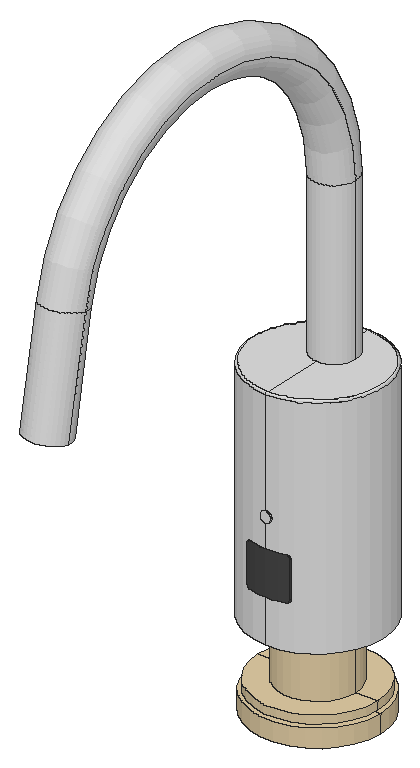
Revit family "Plumbing-Faucet-Sloan-Valve-EAF-750_", category Plumbing Fixtures, host Face, Revit 2022
Family settings
  Host = Face
  Round Connector Dimension = Use Diameter
  Part Type = Normal
  OmniClass Number = 23.45.55.14
  OmniClass Title = Single Faucets
  Cut with Voids When Loaded = No
  Maintain Annotation Orientation = No
  Shared = No
  Room Calculation Point = No
Parameters (values of type "Not a Type - Load Type Catalog!")
  z_Connector Position [instance] = if([Hot/Cold Water Supply], 1" / 4, 0")  # 1/4"
  Water Flow = 1.5 GPM
  Water Connector Description [instance] = if([Hot/Cold Water Supply], "Cold Water Connection", "Pretempered Water Supply Connection")  # "Cold Water Connection"
  z_Array No 01 [instance] = if([Hot/Cold Water Supply], 3, 2)  # 3
  Width [instance] = 2 9/16"  # constant formula
  Waste Connection = no
  WFU = 0
  Version = 2
  Vent Connection = no
  Valve Pressure Drop = 0.00 psi
  URL = "www.sloanvalve.com"
  Product data url = "https://bimobject.com/sloan_valve/product/faucets_optima_eaf-750"
  Product Material = Sloan Valve - Finish - Polished Chrome
  Product Guid = ""
  Pretempered Water Supply [instance] = not([Hot/Cold Water Supply])  # no
  Part Number = "3335097"
  Model = "Model not specified - Load type catalog!"
  Manufacturer = "Sloan Valve"  # constant formula
  Keynote = "15410"
  Hot/Cold Water Supply [instance] = yes
  Hot Water Connection Diameter = 3/8"
  Height = 10 1/32" + 3 15/16"  # 13 31/32"
  HWFU = 1.5
  HW Connection = yes
  Edition number = 1
  Description = "Battery Power Supply, Mixer Not Included, Polished Chrome Finish, 1.5 gpm, Laminar Spray, Infrared Sensor, Optima® Battery-Powered Deck-Mounted Gooseneck Body Faucet."
  Depth = 7 3/8"  # constant formula
  Default Elevation = 0"
  Date Updated = "09.12.2024"  # constant formula
  Date Created = ""
  Countertop Thickness [instance] = 1"
  Cold Water Connection Diameter = 3/8"
  CWFU = 1.5
  CW Connection = yes
  Assembly Code = "D2010"
Reference planes (in)
  plane 1 "Center (Front/Back)": y = 0
  plane 2: z = 0
  plane 3 "Center (Left/Right)": x = 0
  plane 4: x = -0.25
  plane 5: x = 0.25
Dimensions and locks (in)
  locked: plane 3 "Center (Left/Right)" to plane 4 at 0.25
  "z_Connector Position": plane 5 to plane 3 "Center (Left/Right)"
  equal spacing: group 3, group 2, group 1  (x2)
  equal spacing: group 1, group 2, group 3
  aligned and locked: plane 2 to host face
  aligned and locked: level to host face
  aligned and locked: plane 4 to nested 3
  aligned and locked: plane 5 to nested 2
  aligned and locked: plane 1 "Center (Front/Back)" to nested 3
  aligned and locked: plane 1 "Center (Front/Back)" to nested 1
  aligned and locked: nested 4 to plane 2
  aligned and locked: plane 3 "Center (Left/Right)" to nested 4
  aligned and locked: plane 1 "Center (Front/Back)" to nested 4
Automatic sketch dimensions
  host sketch curve to host sketch curve = 96"  (x2)
Nested families (in)
  nested 1: "Connection" at (0.75, 0, 0), type "Connection"
  nested 2: "Connection" at (0.25, 0, 0), type "Connection"
  nested 3: "Connection" at (-0.25, 0, 0), type "Connection"
  nested 4: "Geometry" at (0, 0, 0), type "Geometry"
Connectors (in)
  piping at (0.25, 0, 0), diameter 0.375, driven by "Cold Water Connection Diameter", driven by "CWFU", driven by "Valve Pressure Drop", driven by "Water Connector Description", driven by "Water Flow"
    settings: on nested 2, index 1, connector inside diameter 24", connector length 0", flow factor 0, pipe flow 1.5 GPM, pressure drop 0.00 psi, fitting loss kfactor 0, connector angle 0.00°, fixture units 1.5, engagement length 0", angle of deflection 0.00°, flow configuration 1, flow direction 1, fitting loss method 4, system type 20, joint type 0, gender type 0, connector reference index -1, connector utility 0, adjustable connector no, is connector primary yes, connector description "Cold Water Connection"
  piping at (-0.25, 0, 0), diameter 0.375, driven by "Hot Water Connection Diameter", driven by "HWFU", driven by "Valve Pressure Drop", driven by "Water Flow"
    settings: on nested 3, index 2, connector inside diameter 24", connector length 0", flow factor 0, pipe flow 1.5 GPM, pressure drop 0.00 psi, fitting loss kfactor 0, connector angle 0.00°, fixture units 1.5, engagement length 0", angle of deflection 0.00°, flow configuration 1, flow direction 1, fitting loss method 4, system type 19, joint type 0, gender type 0, connector reference index -1, connector utility 0, adjustable connector no, is connector primary no, connector description "Hot Water Connection"
Definition of nested family "Geometry"
  Parameters (values of type "Geometry")
    URL = ""
    Model = ""
    Mixing Lever = no
    Manufacturer = ""
    Installation Type = ""
    Finish = none
    Description = ""
    Default Elevation = 0"
    Countertop Thickness = 1"
    Code Number = ""
    Assembly Code = ""
  Reference planes (in)
    plane 1 "Center (Front/Back)": y = 0
    plane 2: z = 0
    plane 3 "Center (Left/Right)": x = 0
    plane 4: z = 3.9375
    plane 5: x = 1.53125
    plane 6: x = -0.375
    plane 7: x = 0.375
    plane 8: z = -1
    plane 9: x = -1.125
    plane 10: x = 1.125
    plane 11: z = 10.03125
    plane 12: z = 5.34375
    plane 13: y = -5.875
    plane 14: y = 1.125
    plane 15: y = -1.125
    plane 16: through (0, -5.875, 5.34375) normal (0, -0.9135, 0.4067)
    plane 17: z = 1
    plane 18: z = 2
    plane 19: x = -0.375
    plane 20: x = 0.375
    plane 21: z = 0.75
    plane 22: z = 1.5
    plane 23: x = -0.59375
    plane 24: x = 0.59375
  Forms (in)
    Revolve 1, solid, material <- "Finish"
      sketch origin (0, 0, -0.01648) x (0, 1, 0) y (0, 0, 1)
        loop
          line (0, 0.01648) -> (0, 3.95398) -> (-1.093, 3.95398)
          arc (-1.093, 3.95398) -> (-1.11563, 3.94461) -> (-1.125, 3.92198) r 0.032
          line (-1.125, 3.92198) -> (-1.125, 0.01648) -> (0, 0.01648)
        axis (0, 3.95398) -> (0, 0.01648)
      angle from 0 to 360
    Extrusion 2, solid
      sketch origin (0, -0.00586, 0.13791) x (1, 0, 0) y (0, 1, 0)
        loop
          line (-0.375, -0.89182) -> (-0.375, -1.06049)
          arc (-0.375, -1.06049) -> (0.00001, -1.12796) -> (0.375, -1.06042) r 1.07529
          line (0.375, -1.06042) -> (0.375, -0.89182) -> (-0.375, -0.89182)
      from 0.61209 to 1.36209
    Extrusion 3, void
      sketch origin (0, 0.00009, 0.13779) x (-1, 0, 0) y (0, 0, 1)
        loop
          line (-0.375, 1.36221) -> (-0.375, 1.29971)
          arc (-0.375, 1.29971) -> (-0.35669, 1.3439) -> (-0.3125, 1.36221) r 0.0625
          line (-0.3125, 1.36221) -> (-0.375, 1.36221)
        loop
          line (-0.375, 0.61221) -> (-0.3125, 0.61221)
          arc (-0.3125, 0.61221) -> (-0.35669, 0.63051) -> (-0.375, 0.67471) r 0.0625
          line (-0.375, 0.67471) -> (-0.375, 0.61221)
        loop
          line (0.375, 1.36221) -> (0.3125, 1.36221)
          arc (0.3125, 1.36221) -> (0.35669, 1.3439) -> (0.375, 1.29971) r 0.0625
          line (0.375, 1.29971) -> (0.375, 1.36221)
        loop
          line (0.375, 0.61221) -> (0.375, 0.67471)
          arc (0.375, 0.67471) -> (0.35669, 0.63051) -> (0.3125, 0.61221) r 0.0625
          line (0.3125, 0.61221) -> (0.375, 0.61221)
      from -1.20803 to -0.81269
    Revolve 4, solid, material <- "Finish", visible <- "Mixing Lever"
      sketch origin (0, 0, 0) x (1, 0, 0) y (0, 0, 1)
        loop
          line (1.53125, 0.55478) -> (1.53125, 1.69522)
          arc (1.53125, 1.69522) -> (1.52484, 1.71444) -> (1.50818, 1.72595) r 0.032
          arc (1.50818, 1.72595) -> (1.43997, 1.74156) -> (1.37042, 1.74919) r 0.60593
          line (1.37042, 1.74919) -> (1.37042, 0.50081)
          arc (1.37042, 0.50081) -> (1.43997, 0.50844) -> (1.50818, 0.52405) r 0.60593
          arc (1.50818, 0.52405) -> (1.52484, 0.53556) -> (1.53125, 0.55478) r 0.032
        axis (1.37042, 1.74919) -> (1.37042, 0.50081)
      angle from 0 to 360
    Extrusion 5, solid, material <- "Finish", visible <- "Mixing Lever"
      sketch origin (0, 0, 0.10938) x (0, 1, 0) y (0, 0, 1)
        loop
          circle (-0.00321, 0.72573) r 0.125
      from 1.02462 to 1.37737
    Extrusion 6, void
      sketch origin (0, 0, 0) x (1, 0, 0) y (0, 1, 0)
        loop
          circle (-0.375, 0) r 0.1875
        loop
          circle (0.375, 0) r 0.1875
      from 0 to 0.032
    Revolve 7, solid
      sketch origin (-3.80136, 0, -0.78285) x (-1, 0, 0) y (0, 0, 1)
        loop
          line (-2.76217, -0.21715) -> (-3.14511, -0.21715) -> (-3.14511, 0.78285) -> (-3.20761, 0.78285) -> (-3.20761, -0.70265) -> (-2.70536, -0.70265) -> (-2.70536, -0.39015) -> (-3.14511, -0.39015) -> (-3.14511, -0.35815) -> (-2.76217, -0.35815) -> (-2.76217, -0.21715)
        axis (-3.80136, -0.70265) -> (-3.80136, 0.78285)
      angle from 0 to 360
    Sweep 8, solid, material <- "Finish"
      path origin (0, 0, -0.00684) x (0, 1, 0) y (0, 0, 1)
        loop
          line (-5.875, 5.35059) -> (-5.52013, 7.26564)
          arc (-5.52013, 7.26564) -> (-2.33821, 9.6744) -> (0.35156, 6.72619) r 2.96062
          line (0.35156, 6.72619) -> (0.35156, 3.94434)
      profile origin (0, 0.35156, 5.32843) x (1, 0, 0) y (0, 1, 0)
        loop
          circle (0, 0) r 0.375
    Extrusion 9, solid, material <- "Finish"
      sketch origin (0, 0, -0.56378) x (1, 0, 0) y (0, 0, 1)
        loop
          circle (0, 2.56378) r 0.09247
      from 0.99802 to 1.13355
  Cuts and joins
    Extrusion 6 cuts Revolve 1
    joined: Revolve 1, Sweep 8, Extrusion 9
    Extrusion 3 cuts Extrusion 2
    joined: Revolve 4, Extrusion 5
  Lines and regions (in)
    Masking region 1
      outline origin (0, 0, 0) x (1, 0, 0) y (0, 1, 0)
        loop
          arc (-0.375, -5.875) -> (0, -6.25) -> (0.375, -5.875) r 0.375
          line (0.375, -5.875) -> (0.375, -1.06066)
          arc (0.375, -1.06066) -> (0, 1.125) -> (-0.375, -1.06066) r 1.125
          line (-0.375, -1.06066) -> (-0.375, -5.875)
    Masking region 2, visible <- "Mixing Lever"
      outline origin (5.5, 0, 0) x (1, 0, 0) y (0, 1, 0)
        loop
          arc (-4.38161, 0.12179) -> (-4.375, -0.00323) -> (-4.38233, -0.12821) r 1.125
          line (-4.38233, -0.12821) -> (-4.22668, -0.12821)
          arc (-4.22668, -0.12821) -> (-3.96883, 0.0051) -> (-4.23461, 0.12179) r 0.16083
          line (-4.23461, 0.12179) -> (-4.38161, 0.12179)
    symbolic lines, visible <- "Mixing Lever", detail levels fine
      curve 1: arc (1.26539, 0.12179, 0) -> (1.20968, -0.0051, 0) -> (1.27332, -0.12821, 0) r 0.16083
    symbolic lines, detail levels medium+fine
      curve 2: line (-0.375, -1.06066, 0) -> (-0.375, 0.35242, 0)
      curve 3: line (0.37518, -1.06622, 0) -> (0.37518, 0.35242, 0)
      curve 4: arc (-0.375, 0.35242, 0) -> (0.00009, 0.72751, 0) -> (0.37518, 0.35242, 0) r 0.37509
  Dimensions and locks (in)
    plane 4 to level = 3 15/16"
    plane 6 to plane 3 "Center (Left/Right)" to plane 7 = 3/8", 3/8"
    "Countertop Thickness": level to plane 8
    locked: Revolve 7 sketch curve to Revolve 7 sketch curve at 0.4855
    plane 11 to plane 4 = 6 3/32"
    plane 11 to level = 10 1/32"
    plane 12 to level = 5 11/32"  (x2)
    plane 14 to plane 15 = 2 1/4"
    plane 1 "Center (Front/Back)" to plane 13 = 5 7/8"
    locked: plane 3 "Center (Left/Right)" to plane 23 at 0.59375
    aligned and locked: plane 5 to Revolve 4 sketch curve
    aligned and locked: plane 1 "Center (Front/Back)" to Extrusion 6 sketch curve  (x2)
    aligned and locked: plane 7 to Extrusion 6 sketch curve
    aligned and locked: plane 3 "Center (Left/Right)" to Revolve 7 sketch curve
    aligned and locked: Revolve 7 sketch curve to plane 8
    aligned and locked: Revolve 1 sketch curve to plane 4
    aligned and locked: plane 1 "Center (Front/Back)" to Revolve 1 sketch curve
    aligned and locked: plane 4 to Sweep 8 sketch curve
    aligned and locked: Revolve 7 sketch curve to plane 23
  Automatic sketch dimensions
    curve 4 to plane 19 = 0"
    plane 1 "Center (Front/Back)" to curve 1 = 0"
    plane 3 "Center (Left/Right)" to curve 4 = 0.00009"
    curve 1 to plane 5 = 0.16083"
    curve 3 to plane 1 "Center (Front/Back)" = 0.35242"
    plane 10 to curve 1 = 0.14039"
    plane 10 to curve 1 = 0.14832"
    plane 1 "Center (Front/Back)" to curve 1 = 0.12821"
    curve 2 to plane 15 = 0.06434"
    curve 3 to plane 15 = 0.05878"
    Revolve 1 sketch curve to level = 0"
    Revolve 1 sketch curve to plane 15 = 0"
    Revolve 1 sketch curve to plane 1 "Center (Front/Back)" = 0"
    Revolve 1 sketch curve to Revolve 1 sketch curve = 0.032"
    plane 22 to Revolve 1 sketch curve = 0.0088"
    Revolve 1 sketch curve to plane 18 = 0.14659"
    Extrusion 2 sketch curve to plane 19 = 0"
    Extrusion 2 sketch curve to plane 20 = 0"
    Extrusion 2 sketch curve to plane 3 "Center (Left/Right)" = 0.00009"
    Extrusion 2 sketch curve to plane 15 = 0.05865"
    Extrusion 2 sketch curve to Extrusion 2 sketch curve = 0.00007"
    Extrusion 2 sketch curve to Extrusion 2 sketch curve = 0.1686"
    Extrusion 3 sketch curve to plane 20 = 0"  (x2)
    Extrusion 3 sketch curve to plane 21 = 0"  (x2)
    Extrusion 3 sketch curve to plane 22 = 0"  (x2)
    plane 19 to Extrusion 3 sketch curve = 0"  (x2)
    Extrusion 3 sketch curve to plane 20 = 1/16"  (x2)
    Extrusion 3 sketch curve to plane 19 = 1/16"  (x2)
    Revolve 4 sketch curve to Revolve 4 sketch curve = 0.032"
    Revolve 4 sketch curve to plane 5 = 0.032"
    Revolve 4 sketch curve to Revolve 4 sketch curve = 0.12883"
    plane 17 to Revolve 4 sketch curve = 0.10593"
    Revolve 4 sketch curve to plane 5 = 0.19208"
    Revolve 4 sketch curve to Revolve 4 sketch curve = 0"
    plane 21 to Revolve 4 sketch curve = 0.19522"
    Revolve 4 sketch curve to Revolve 4 sketch curve = 0.05397"  (x2)
    Revolve 4 sketch curve to Revolve 4 sketch curve = 0.03815"
    Revolve 4 sketch curve to plane 22 = 0.19522"
    Revolve 4 sketch curve to plane 5 = 0.16083"
    Revolve 4 sketch curve to Revolve 4 sketch curve = 0.1075"
    Revolve 4 sketch curve to Revolve 4 sketch curve = 0.07462"
    plane 1 "Center (Front/Back)" to Extrusion 5 sketch curve = 0.00321"
    Extrusion 5 sketch curve to plane 21 = 0.08511"
    Extrusion 6 sketch curve to plane 6 = 0"
    Revolve 7 sketch curve to level = 0"  (x2)
    Revolve 7 sketch curve to plane 23 = 1/16"  (x2)
    plane 9 to Revolve 7 sketch curve = 0.0858"
    plane 9 to Revolve 7 sketch curve = 0.029"
    Revolve 7 sketch curve to Revolve 7 sketch curve = 0.173"
    Revolve 7 sketch curve to Revolve 7 sketch curve = 0.032"
    level to Revolve 7 sketch curve = 0.08858"
    Sweep 8 sketch curve to plane 12 = 0"
    Sweep 8 sketch curve to plane 13 = 0"
    Sweep 8 sketch curve to plane 13 = 0.35487"
    plane 15 to Sweep 8 sketch curve = 1.48406"
    Sweep 8 sketch curve to plane 1 "Center (Front/Back)" = 45/128"
    plane 12 to Sweep 8 sketch curve = 1.37561"
    profile plane to Sweep 8 sketch curve = 0"
    Sweep 8 sketch curve to profile plane = 0"
    Extrusion 9 sketch curve to Extrusion 9 sketch curve = 0"  (x2)
    Extrusion 9 sketch curve to plane 18 = 0"
    Extrusion 9 sketch curve to plane 3 "Center (Left/Right)" = 0"
    Extrusion 9 sketch curve to plane 3 "Center (Left/Right)" = 0.09247"
    plane 1 "Center (Front/Back)" to Masking region 2 sketch curve = 0"  (x2)
    Masking region 2 sketch curve to plane 1 "Center (Front/Back)" = 0.12179"
    Masking region 2 sketch curve to Masking region 2 sketch curve = 0.147"
    Masking region 2 sketch curve to Masking region 2 sketch curve = 0.15565"
    plane 13 to Masking region 1 sketch curve = 0"
    Masking region 1 sketch curve to plane 19 = 0"
    plane 1 "Center (Front/Back)" to Masking region 1 sketch curve = 0"
    Masking region 1 sketch curve to plane 3 "Center (Left/Right)" = 0"  (x2)
    Masking region 1 sketch curve to plane 15 = 0.06434"
    Masking region 2 sketch curve to Masking region 2 sketch curve = 0.00072"
    Masking region 2 sketch curve to plane 3 "Center (Left/Right)" = 0"
    Masking region 2 sketch curve to plane 10 = 0.00733"
    radius of Extrusion 5 sketch curve = 1/8"
    radius of Extrusion 6 sketch curve = 3/16"  (x2)
    radius of Sweep 8 sketch curve = 3/8"
Definition of nested family "Connection"
  Parameters (values of type "Connection")
    Default Elevation = 48"
  Reference planes (in)
    plane 1 "Center (Front/Back)": y = 0
    plane 2: z = 0
    plane 3 "Center (Left/Right)": x = 0
  Forms (in)
    Extrusion 1, solid
      sketch origin (0, 0, 0) x (1, 0, 0) y (0, 1, 0)
        loop
          line (-48, 48) -> (-48, -48) -> (48, -48) -> (48, 48) -> (-48, 48)
      from 0 to -12
    Extrusion 2, solid, not visible
      sketch origin (0, 0, 0) x (1, 0, 0) y (0, 1, 0)
        loop
          circle (0, 0) r 0.19685
      from 0 to -0.34945
  Dimensions and locks (in)
    aligned and locked: plane 2 to Extrusion 1
    aligned and locked: level to Extrusion 1
